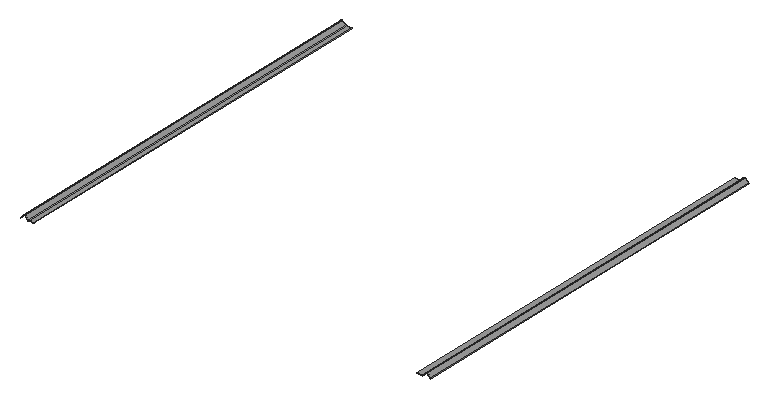
Revit family "GB 2 Track - 2012", category Generic Models, host Floor, Revit 2012
Parameters
  URL = "http://www.wengercorp.com/Home/Contact.html"
  Track Width = 74 7/16"
  Track Material = Track Material
  Track Length [instance] = 72"
  Part Number = "241A058"
  Manufacturer = "Wenger Corporation"
  Keynote = "Wenger Gear Boss 2 Cart"
  Description = "GB 2 Track"
Reference planes (in)
  plane 1 "Center (Front/Back)": y = 0
  plane 2: z = 0
  plane 3 "Center (Left/Right)": x = 0
  plane 4: y = 36
  plane 5: y = -36
  plane 6: x = 37.21875
  plane 7: x = -37.21875
Forms (in)
  Extrusion 1, solid, material "Track Material" <- "Track Material"
    sketch origin (37.55727, 0, 0) x (1, 0, 0) y (0, 0, 1)
      loop
        arc (-1.83904, 0) -> (-1.7472, 0.01827) -> (-1.66934, 0.07029) r 0.23999
        line (-1.66934, 0.07029) -> (-1.06532, 0.67432) -> (-0.391, 0) -> (-0.33852, 0.05248) -> (-1.00012, 0.71408)
        arc (-1.00012, 0.71408) -> (-1.06532, 0.74109) -> (-1.13051, 0.71408) r 0.0922
        line (-1.13051, 0.71408) -> (-1.68975, 0.15485)
        arc (-1.68975, 0.15485) -> (-1.77819, 0.09575) -> (-1.88252, 0.075) r 0.27261
        line (-1.88252, 0.075) -> (-2.79959, 0.075) -> (-2.79959, 0) -> (-1.83904, 0)
    from -36 to 36
  Extrusion 2, solid, material "Track Material" <- "Track Material"
    sketch origin (-37.55727, 0, 0) x (-1, 0, 0) y (0, 0, -1)
      loop
        line (-1.83904, 0) -> (-2.79959, 0) -> (-2.79959, -0.075) -> (-1.88252, -0.075)
        arc (-1.88252, -0.075) -> (-1.77819, -0.09575) -> (-1.68975, -0.15485) r 0.27261
        line (-1.68975, -0.15485) -> (-1.13051, -0.71408)
        arc (-1.13051, -0.71408) -> (-1.06532, -0.74109) -> (-1.00012, -0.71408) r 0.0922
        line (-1.00012, -0.71408) -> (-0.33852, -0.05248) -> (-0.391, 0) -> (-1.06532, -0.67432) -> (-1.66934, -0.07029)
        arc (-1.66934, -0.07029) -> (-1.7472, -0.01827) -> (-1.83904, 0) r 0.23999
    from -36 to 36
Dimensions and locks (in)
  equal spacing: host sketch curve, plane 1 "Center (Front/Back)", host sketch curve
  equal spacing: host sketch curve, plane 3 "Center (Left/Right)", host sketch curve
  host sketch curve to host sketch curve = 120"  (x2)
  "Track Length": plane 4 to plane 5
  "Track Width": plane 7 to plane 6
  equal spacing: plane 7, plane 3 "Center (Left/Right)", plane 6
  equal spacing: plane 4, plane 1 "Center (Front/Back)", plane 5
  aligned and locked: level to plane 2
  aligned and locked: Extrusion 2 to plane 5
  aligned and locked: Extrusion 1 to plane 5
  aligned and locked: plane 4 to Extrusion 1
  aligned and locked: plane 4 to Extrusion 2
Automatic sketch dimensions
  Extrusion 1 sketch curve to level = 0"  (x2)
  plane 3 "Center (Left/Right)" to Extrusion 1 sketch curve = 34.75767"
  level to Extrusion 1 sketch curve = 0.075"
  Extrusion 1 sketch curve to Extrusion 1 sketch curve = 0.91708"
  Extrusion 1 sketch curve to Extrusion 1 sketch curve = 0.04347"
  level to Extrusion 1 sketch curve = 0.15485"
  Extrusion 1 sketch curve to Extrusion 1 sketch curve = 0.14929"
  level to Extrusion 1 sketch curve = 0.07029"
  Extrusion 1 sketch curve to Extrusion 1 sketch curve = 0.02041"
  level to Extrusion 1 sketch curve = 0.71408"
  Extrusion 1 sketch curve to Extrusion 1 sketch curve = 0.55923"
  level to Extrusion 1 sketch curve = 0.67432"
  Extrusion 1 sketch curve to Extrusion 1 sketch curve = 0.0652"  (x2)
  Extrusion 1 sketch curve to Extrusion 1 sketch curve = 0"
  Extrusion 1 sketch curve to Extrusion 1 sketch curve = 0.02543"
  Extrusion 2 sketch curve to level = 0"  (x2)
  plane 3 "Center (Left/Right)" to Extrusion 2 sketch curve = 34.75767"
  Extrusion 2 sketch curve to level = 0.075"
  Extrusion 2 sketch curve to Extrusion 2 sketch curve = 0.91708"
  Extrusion 2 sketch curve to Extrusion 2 sketch curve = 0.04347"
  Extrusion 2 sketch curve to level = 0.15485"
  Extrusion 2 sketch curve to Extrusion 2 sketch curve = 0.14929"
  Extrusion 2 sketch curve to level = 0.07029"
  Extrusion 2 sketch curve to Extrusion 2 sketch curve = 0.02041"
  Extrusion 2 sketch curve to level = 0.71408"
  Extrusion 2 sketch curve to Extrusion 2 sketch curve = 0.55923"
  Extrusion 2 sketch curve to level = 0.67432"
  Extrusion 2 sketch curve to Extrusion 2 sketch curve = 0.0652"  (x2)
  Extrusion 2 sketch curve to Extrusion 2 sketch curve = 0"
  Extrusion 2 sketch curve to Extrusion 2 sketch curve = 0.02543"
